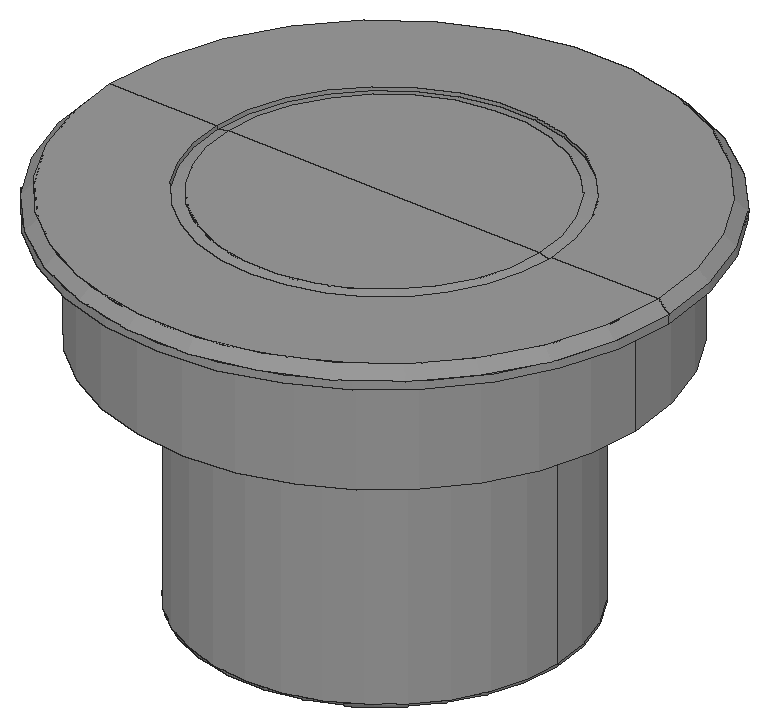
Revit family "4068878 Sylvania Lighting Fixture PATHE CEILING ROUND2 69LM LED 3K", category Lighting Fixtures, host Face, Revit 2016
Family settings
  Host = Face
  Part Type = Normal
  Round Connector Dimension = Use Diameter
  OmniClass Number = 23.80.70.00
  OmniClass Title = Lighting
  Cut with Voids When Loaded = No
  Light Source = Yes
  Shared = No
  Room Calculation Point = No
Parameters (values of type "4068878 PATHE/C/R2 69LM LED 3K")
  Weight = "0.525 kg"
  Wattage Comments = ""
  Wattage = 1.5 W
  WarrantyStartDate [instance] = "n/a"
  WarrantyGuarantorParts = "n/a"
  WarrantyDurationUnit = "n/a"
  WarrantyDurationParts = "n/a"
  WarrantyDescription = "n/a"
  built-in parameter 1150110 = 1 (stored number, unit not read)
  Voltage = 0 V
  URL = "http://www.sylvania-lighting.com"
  TypeName = "PATHE/CEILING/ROUND2 69LM LED 3K"
  Type Image = <None>
  Type Comments = "n/a"
  built-in parameter 1114217 = 1 (stored number, unit not read)
  Tilt Angle = -90.00°
  built-in parameter 1150109 = 1 (stored number, unit not read)
  built-in parameter 1150134 = (empty or 0)
  built-in parameter 1150113 = 1 (stored number, unit not read)
  SerialNumber [instance] = "n/a"
  Radius_SYL = 47.5 mm
  RadiusDiffuser_SYL = 28 mm
  Photometric Web File = "4068878.ies"
  Material_3_SYL = Steel AISI 1006 85 HR
  PowerFactor = 0
  PowerConsumption = "1.5 W"
  NominalLength = 95 mm
  NominalHeight = 75 mm
  NominalDepth = 0 mm
  Name = "PATHE/CEILING/ROUND2 69LM LED 3K"
  ModelReference = Name  # "PATHE/CEILING/ROUND2 69LM LED 3K"
  ModelNumber = "4068878"
  Model = Name  # "PATHE/CEILING/ROUND2 69LM LED 3K"
  Material = "corrosion resistant anodized aluminium housing, tempered safety glass diffuser"
  ManufacturerName = "Feilo Sylvania"
  Manufacturer = "Feilo Sylvania"
  LuminousEfficacy = "46 lm/W"
  built-in parameter 1150105 = 5.4908 (stored number, unit not read)
  Lumens = 69 lm
  LuminaireType = ""
  built-in parameter 1150115 = 1 (stored number, unit not read)
  LightOutputRatio = "100"
  built-in parameter 1150137 = (empty or 0)
  built-in parameter 1150139 = (empty or 0)
  LampsType = Lamp  # "LED"
  LampNominalLuminous = "69 lm"
  LampMacAdamStep = "n/a"
  LampColourTemperature = "3000 K"
  LampColourRenderingIndex = "80"
  built-in parameter 1150112 = 1 (stored number, unit not read)
  built-in parameter 1150114 = 1 (stored number, unit not read)
  Lamp = "LED"
  Keynote = "16500"
  InstallationDate [instance] = "n/a"
  InputVoltage = "n/a"
  InputNominalFrequency = "n/a"
  built-in parameter 1150132 = (empty or 0)
  built-in parameter 1150102 = (empty or 0)
  built-in parameter 1150107 = 3000 (stored number, unit not read)
  built-in parameter 1150138 = (empty or 0)
  IngressProtection = "IP67"
  ImpactProtectionIndex = "IK10"
  built-in parameter 1150106 = 0.054908 (stored number, unit not read)
  IfcExportType = "IfcLightFixtureType"
  IfcExportAs = "IfcLightFixtureType"
  HieghtTop_SYL = 2 mm
  ExpectedLife = 50000
  Emit from Circle Diameter = RadiusDiffuser_SYL * 2  # 56 mm
  Emit Shape Visible in Rendering = no
  ElectricShockClassification = "Class I"
  built-in parameter 1150104 = 4.2735 (stored number, unit not read)
  DurationUnit = "hours"
  DocumentationLiterature = "http://www.sylvania-lighting.com/product/en-int/products/4068878"
  DimmingControlOptions = "n/a"
  Material_2_SYL = PC-Sylvania-PatheCeiling-Glow
  Dimming Lamp Color Temperature Shift = <None>
  Description = "Round recessed ceiling mounted luminaireCorrosion resistant anodized aluminium, 69lm, 1.5W, 46lm/W, 3000K, CRI80+, 50°, non dimmable, IP67, IK10, (ØxD) Ø95x75mm, 3 step MacAdam ellipse, Class I, 220-240V, A++ A+ A"
  Default Elevation = 1219.2 mm
  CreatedOn = "9/21/2018"
  CreatedBy = "@sylvania-lighting.com"
  Cost = 0
  Color Filter = 16777215
  built-in parameter 1114216 [instance] = (empty or 0)
  ClassificationValue = "EF_70_80"
  ClassificationName = "Uniclass2015"
  Material_1_SYL = Aluminum 6061 T6 80 Hot Formed
  ChamferTop_SYL = 1.7 mm
  ChamferDiffuserTop_SYL = 2 mm
  ChamferDiffuserSide_SYL = 0.5 mm
  BarCode [instance] = "n/a"
  built-in parameter 1114218 = 1 (stored number, unit not read)
  built-in parameter 1150133 = 10 (stored number, unit not read)
  AssetType = "Fixed"
  AssetIdentifier [instance] = "n/a"
  Assembly Code = "D5020200"
  Apparent Load = 1.5 VA
  Material_4_SYL = none
Reference planes
  plane 1 "Center (Front/Back)": y = 0
  plane 2: z = 0
  plane 3 "Center (Left/Right)": x = 0
  plane 4: x = -47.5
  plane 5: z = -75
  plane 6: x = -28
  plane 7: z = 2
  plane 8: x = -45.8
  plane 9: z = -36
  plane 10: z = -29.5
  plane 11: x = -26
  plane 12: z = 1.5
  plane 13: z = -6
  plane 14: z = 0.3
  plane 15: x = -42
  plane 16: z = -19
  plane 17: z = -59
  plane 18: x = -29
  plane 19: z = -1
  plane 20: x = -43.5
Forms (mm)
  Revolve 1, solid, material "PC-Sylvania-PatheCeiling-Glow" <- "Material_2_SYL"
    sketch origin (0, 0, 0) x (1, 0, 0) y (0, 0, 1)
      loop
        line (-28, 1.5) -> (-28, 0) -> (0, 0) -> (0, 2) -> (-26, 2) -> (-28, 1.5)
      axis (0, 2) -> (0, 0)
    angle from 360 to 0
  Revolve 2, solid, material "Aluminum 6061 T6 80 Hot Formed" <- "Material_1_SYL"
    sketch origin (0, 0, 0) x (1, 0, 0) y (0, 0, 1)
      loop
        line (-28, 2) -> (-45.8, 2) -> (-47.5, 0.3) -> (-47.5, -1) -> (-42, -1) -> (-42, -19) -> (-29, -19) -> (-29, -58.4)
        arc (-29, -58.4) -> (-28.824, -58.824) -> (-28.4, -59) r 0.6
        line (-28.4, -59) -> (0, -59) -> (0, -6) -> (-28, -6) -> (-28, 2)
      axis (0, 2) -> (0, -59)
    angle from 360 to 0
  Revolve 3, void
    sketch origin (0, 0, 0) x (1, 0, 0) y (0, 0, 1)
      loop
        line (-43.5, 0) -> (-43.5, -75) -> (0, -75) -> (0, 0) -> (-43.5, 0)
      axis (0, 0) -> (0, -75)
    angle from 360 to 0
Cuts and joins
  Revolve 3 cuts Revolve 1
Dimensions and locks
  locked: plane 2 to plane 5 at 75
  "Radius_SYL": plane 3 "Center (Left/Right)" to plane 4
  "RadiusDiffuser_SYL": plane 3 "Center (Left/Right)" to plane 6
  "ChamferTop_SYL": plane 8 to plane 4
  "ChamferDiffuserSide_SYL": plane 7 to plane 12
  "ChamferDiffuserTop_SYL": plane 11 to plane 6
  locked: plane 2 to plane 13 at 6
  "ChamferTop_SYL": plane 7 to plane 14
  "HieghtTop_SYL": plane 7 to plane 2
  locked: plane 3 "Center (Left/Right)" to plane 15 at 42
  locked: plane 2 to plane 16 at 19
  locked: plane 3 "Center (Left/Right)" to plane 18 at 29
  locked: plane 16 to plane 17 at 40
  locked: plane 2 to plane 19 at 1
  locked: plane 3 "Center (Left/Right)" to plane 20 at 43.5
  aligned and locked: plane 2 to host face
  aligned and locked: level to host face
  aligned and locked: plane 7 to Revolve 1 sketch curve
  aligned and locked: Revolve 1 sketch curve to plane 3 "Center (Left/Right)"  (x2)
  aligned and locked: plane 11 to Revolve 1 sketch curve
  aligned and locked: plane 6 to Revolve 1 sketch curve
  aligned and locked: plane 12 to Revolve 1 sketch curve
  aligned and locked: imposter light to plane 7
  aligned and locked: imposter light to plane 1 "Center (Front/Back)"
  aligned and locked: plane 3 "Center (Left/Right)" to imposter light
  aligned and locked: Revolve 2 sketch curve to plane 6
  aligned and locked: Revolve 2 sketch curve to plane 7
  aligned and locked: plane 14 to Revolve 2 sketch curve
  aligned and locked: Revolve 2 sketch curve to plane 4
  aligned and locked: Revolve 2 sketch curve to plane 15
  aligned and locked: plane 16 to Revolve 2 sketch curve
  aligned and locked: Revolve 2 sketch curve to plane 18
  aligned and locked: plane 17 to Revolve 2 sketch curve
  aligned and locked: plane 3 "Center (Left/Right)" to Revolve 2 sketch curve
  aligned and locked: Revolve 2 sketch curve to plane 13
  aligned and locked: Revolve 2 sketch curve to plane 3 "Center (Left/Right)"
  aligned and locked: plane 19 to Revolve 2 sketch curve
  aligned and locked: Revolve 3 sketch curve to plane 3 "Center (Left/Right)"  (x2)
  aligned and locked: Revolve 3 sketch curve to level
  aligned and locked: Revolve 3 sketch curve to plane 5
  aligned and locked: plane 15 to Revolve 2 sketch curve
  aligned and locked: Revolve 3 sketch curve to plane 20
Automatic sketch dimensions
  host sketch curve to host sketch curve = 2438.4 mm  (x2)
  plane 5 to Revolve 1 sketch curve = 534.6 mm
  Revolve 1 sketch curve to Revolve 1 sketch curve = 2607.058 mm
  Revolve 1 sketch curve to level = 0 mm
  Revolve 2 sketch curve to plane 8 = 0 mm
  Revolve 2 sketch curve to plane 6 = 0.4 mm
  plane 5 to Revolve 2 sketch curve = 534.6 mm
  Revolve 2 sketch curve to plane 7 = 2607.058 mm
  plane 5 to Revolve 3 sketch curve = 534.6 mm
  Revolve 3 sketch curve to plane 7 = 2606.058 mm
Connectors
  electrical at (0, 0, 0), driven by "Apparent Load", driven by "PowerFactor", driven by "Voltage"
    settings: index 1, voltage 0 V, apparent load 1.5 VA, apparent load phase1 0 VA, apparent load phase2 0 VA, apparent load phase3 0 VA, power factor 0, load classification "Lighting", number of poles 1, system type 30, power factor state 1, is connector primary yes, connector utility no, sub classification motor no, connector description ""
